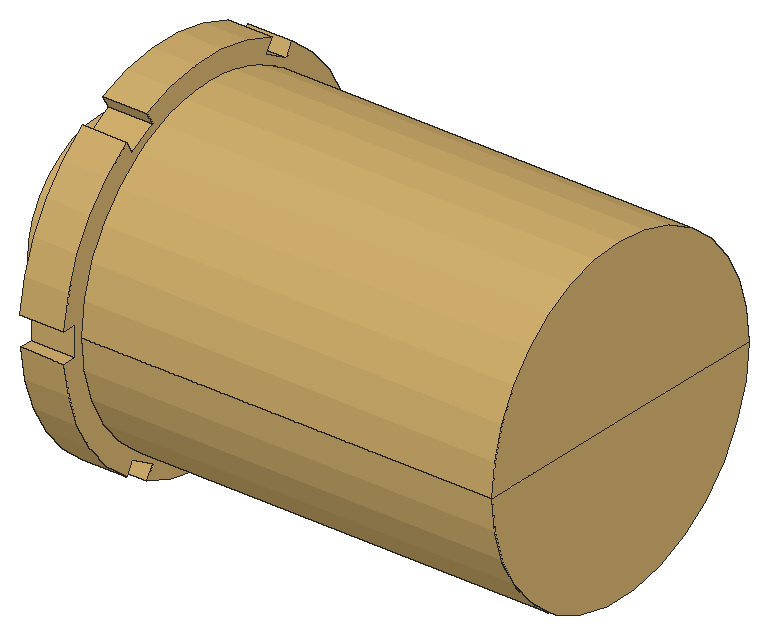
Revit family "e", category Pipe Fittings, Revit 2018
Family settings
  Round Connector Dimension = Use Diameter
  Part Type = Transition
  OmniClass Number = 23.27.43.00
  OmniClass Title = Pipe Fittings
  Work Plane-Based = No
  Always vertical = Yes
  Cut with Voids When Loaded = No
  Shared = No
Parameters (values of type "90021")
  URL = "https://www.aignep.com/"
  Tick Size 02 [instance] = Nominal Diameter 02 * 0.4  # 25.40 mm
  Tick Size 01 [instance] = Nominal Diameter 01 * 0.4  # 44.00 mm
  QR code = "https://www.bimobject.com/aignep/product/tube-male-nptf-reducer-90021"
  Product url = "https://www.aignep.com/eng/Pipe-fittings-INFINITY/Air-Pipeline-INFINITY-Series/TUBE-NPTF"
  Product name = "Tube-Male Nptf Reducer - 90021"
  Product group = "Fittings"
  Product family = "INFINITY"
  Product data url = "https://www.bimobject.com/aignep/product/tube-male-nptf-reducer-90021"
  Product certification = "https://www.aignep.com/eng/Certificazioni/FREE-OF-SILICON"
  Product SKU = "Tube-Male-Nptf-Reducer-90021"
  Product Material = AIGNEP - Brass - Yellow
  Product Guid = "1c9547f1-02c2-420d-b058-c5429c2b684c"
  OmniClass Description = "Pipe Fittings"
  OmniClass Code = "23-27 43 00"
  Nominal Diameter 02 [instance] = 63.50 mm
  Nominal Diameter 01 [instance] = 110.00 mm
  Model = "90021"
  Material main = "Aluminium"
  Manufacturer name = "Aignep Spa"
  Manufacturer country = "Italy"
  Manufacturer = "Aignep Spa"
  Lookup Table Name = "90021"  # constant formula
  L [instance] = size_lookup(Lookup Table Name, "L", 0.00 mm, Nominal Diameter 01, Nominal Diameter 02)  # 178.00 mm
  Keynote = "15410"
  I_Type_A [instance] = Nominal Diameter 01 = 80.00 mm  # no
  I_Type_01 [instance] = not(I_Type_A)  # yes
  IFC Classification = "Pipe Fitting"
  Edition number = 1
  Design country = "Italy"
  Description = "Tube-male NPTF reducer"
  D [instance] = Nominal Diameter 01  # 110.00 mm
  CH [instance] = size_lookup(Lookup Table Name, "CH", 0.00 mm, Nominal Diameter 01, Nominal Diameter 02)  # 125.00 mm
  BIMobject category = "Joints"
  B [instance] = size_lookup(Lookup Table Name, "B", 0.00 mm, Nominal Diameter 01, Nominal Diameter 02)  # 22.00 mm
  Assembly Code = "D2040100"
  Article Code [instance] = size_lookup(Lookup Table Name, "", "ND", Nominal Diameter 01, Nominal Diameter 02)  # "90021 00 001"
  A [instance] = Nominal Diameter 02  # 63.50 mm
Reference planes
  plane 1 "Center (Front/Back)": y = -11.5
  plane 2: z = 0
  plane 3 "Center (Left/Right)": x = 0
  plane 4: y = 20.25
  plane 5: x = -89
  plane 6: x = 89
  plane 7: x = -67
  plane 8: y = -43.25
  plane 9: y = 43.5
  plane 10: y = -66.5
  plane 11: x = -52
  plane 12: x = -52
  plane 13: y = -74
  plane 14: y = 51
  plane 15: x = 178
  plane 16: x = 22
  plane 17: x = 37
Forms (mm)
  Revolve 1, solid, material "AIGNEP - Brass - Yellow" <- "Product Material", visible <- "I_Type_01", detail levels fine
    sketch origin (0, 0, 0) x (1, 0, 0) y (0, 1, 0)
      loop
        line (0, -11.5) -> (178, -11.5) -> (178, 43.5) -> (37, 43.5) -> (37, 20.25) -> (22, 20.25)
        arc (22, 20.25) -> (19.75, 19.386) -> (17.5, 20.25) r 3.363
        line (17.5, 20.25) -> (0, 20.25) -> (0, -11.5)
      axis (0, -11.5) -> (178, -11.5)
    angle from 0 to 360
  Revolve 2, solid, material "AIGNEP - Brass - Yellow" <- "Product Material", visible <- "I_Type_A", detail levels fine
    sketch origin (0, 0, 0) x (1, 0, 0) y (0, 1, 0)
      loop
        line (0, -11.5) -> (178, -11.5) -> (178, 43.5) -> (37, 43.5) -> (22, 43.5) -> (22, 20.25)
        arc (22, 20.25) -> (19.764, 19.559) -> (17.528, 20.25) r 3.964
        line (17.528, 20.25) -> (0, 20.25) -> (0, -11.5)
      axis (0, -11.5) -> (178, -11.5)
    angle from 0 to 360
  Sweep 3, solid, material "AIGNEP - Brass - Yellow" <- "Product Material", visible <- "I_Type_A", detail levels fine
    path origin (0, 0, 0) x (1, 0, 0) y (0, 1, 0)
      loop
        line (22, -11.5) -> (37, -11.5)
    profile origin (29.5, -11.5, 0) x (0, 1, 0) y (0, 0, 1)
      loop
        line (18.17, 41.471) -> (20.545, 45.584)
        arc (20.545, 45.584) -> (0, 50) -> (-20.545, 45.584) r 50
        line (-20.545, 45.584) -> (-18.17, 41.471) -> (-26.83, 36.471) -> (-29.205, 40.584)
        arc (-29.205, 40.584) -> (-43.301, 25) -> (-49.749, 5) r 50
        line (-49.749, 5) -> (-45, 5) -> (-45, -5) -> (-49.749, -5)
        arc (-49.749, -5) -> (-43.301, -25) -> (-29.205, -40.584) r 50
        line (-29.205, -40.584) -> (-26.83, -36.471) -> (-18.17, -41.471) -> (-20.545, -45.584)
        arc (-20.545, -45.584) -> (0, -50) -> (20.545, -45.584) r 50
        line (20.545, -45.584) -> (18.17, -41.471) -> (26.83, -36.471) -> (29.205, -40.584)
        arc (29.205, -40.584) -> (43.301, -25) -> (49.749, -5) r 50
        line (49.749, -5) -> (45, -5) -> (45, 5) -> (49.749, 5)
        arc (49.749, 5) -> (43.301, 25) -> (29.205, 40.584) r 50
        line (29.205, 40.584) -> (26.83, 36.471) -> (18.17, 41.471)
  Sweep 4, solid, material "AIGNEP - Brass - Yellow" <- "Product Material", visible <- "I_Type_01", detail levels fine
    path origin (0, 0, 0) x (1, 0, 0) y (0, 1, 0)
      loop
        line (22, -11.5) -> (37, -11.5)
    profile origin (29.5, -11.5, 0) x (0, 1, 0) y (0, 0, 1)
      loop
        line (24.42, 52.296) -> (26.82, 56.453)
        arc (26.82, 56.453) -> (0, 62.5) -> (-26.82, 56.453) r 62.5
        line (-26.82, 56.453) -> (-24.42, 52.296) -> (-33.08, 47.296) -> (-35.48, 51.453)
        arc (-35.48, 51.453) -> (-54.127, 31.25) -> (-62.3, 5) r 62.5
        line (-62.3, 5) -> (-57.5, 5) -> (-57.5, -5) -> (-62.3, -5)
        arc (-62.3, -5) -> (-54.127, -31.25) -> (-35.48, -51.453) r 62.5
        line (-35.48, -51.453) -> (-33.08, -47.296) -> (-24.42, -52.296) -> (-26.82, -56.453)
        arc (-26.82, -56.453) -> (0, -62.5) -> (26.82, -56.453) r 62.5
        line (26.82, -56.453) -> (24.42, -52.296) -> (33.08, -47.296) -> (35.48, -51.453)
        arc (35.48, -51.453) -> (54.127, -31.25) -> (62.3, -5) r 62.5
        line (62.3, -5) -> (57.5, -5) -> (57.5, 5) -> (62.3, 5)
        arc (62.3, 5) -> (54.127, 31.25) -> (35.48, 51.453) r 62.5
        line (35.48, 51.453) -> (33.08, 47.296) -> (24.42, 52.296)
Cuts and joins
  joined: Revolve 2, Sweep 3
  joined: Revolve 1, Sweep 4
Lines and regions (mm)
  model lines
    curve 1: line (0, -11.5, 0) -> (178, -11.5, 0)
  model lines, detail levels coarse+medium
    curve 2: line (178, -11.5, 0) -> (0, -11.5, 0)
    curve 3: line (178, 32.5, 0) -> (178, -55.5, 0)
    curve 4: line (0, 13.9, 0) -> (0, -36.9, 0)
Dimensions and locks
  equal spacing: plane 4, plane 1 "Center (Front/Back)", plane 8
  equal spacing: plane 9, plane 1 "Center (Front/Back)", plane 10
  locked: Revolve 1 sketch curve to Revolve 1 sketch curve at 4.5
  equal spacing: plane 14, plane 1 "Center (Front/Back)", plane 13
  "A": plane 4 to plane 8
  "D": plane 9 to plane 10
  "CH": plane 14 to plane 13
  equal spacing: plane 3 "Center (Left/Right)", plane 6, plane 15
  "L": plane 3 "Center (Left/Right)" to plane 15
  "B": plane 3 "Center (Left/Right)" to plane 16
  locked: plane 16 to plane 17 at 15
  locked: Revolve 2 sketch curve to Revolve 2 sketch curve at 4.472
  "Tick Size 02": plane 1 "Center (Front/Back)" to curve 4
  "Tick Size 02": curve 4 to plane 1 "Center (Front/Back)"
  "Tick Size 01": plane 1 "Center (Front/Back)" to curve 3
  "Tick Size 01": curve 3 to plane 1 "Center (Front/Back)"
  aligned and locked: level to plane 2
  aligned and locked: Revolve 1 sketch curve to plane 4  (x2)
  aligned and locked: Revolve 1 sketch curve to plane 9
  aligned and locked: plane 1 "Center (Front/Back)" to Revolve 1 sketch curve  (x2)
  aligned and locked: plane 1 "Center (Front/Back)" to Revolve 2 sketch curve  (x2)
  aligned and locked: Revolve 2 sketch curve to plane 9
  aligned and locked: plane 1 "Center (Front/Back)" to Sweep 3 sketch curve  (x7)
  aligned and locked: profile plane to plane 1 "Center (Front/Back)"
  aligned and locked: level to Sweep 3 sketch curve  (x6)
  aligned and locked: profile plane to level  (x2)
  aligned and locked: plane 1 "Center (Front/Back)" to Sweep 4 sketch curve  (x7)
  aligned and locked: level to Sweep 4 sketch curve  (x6)
  aligned and locked: plane 15 to Revolve 2 sketch curve
  aligned and locked: Revolve 2 sketch curve to plane 16
  aligned and locked: Revolve 2 sketch curve to plane 4
  aligned and locked: Revolve 2 sketch curve to plane 3 "Center (Left/Right)"
  aligned and locked: plane 4 to Revolve 2 sketch curve  (x2)
  aligned and locked: plane 15 to Revolve 1 sketch curve
  aligned and locked: Revolve 1 sketch curve to plane 3 "Center (Left/Right)"
  aligned and locked: Revolve 1 sketch curve to plane 17
  aligned and locked: Sweep 4 sketch curve to plane 17
  aligned and locked: plane 16 to Sweep 4 sketch curve
  aligned and locked: Sweep 3 sketch curve to plane 17
  aligned and locked: plane 16 to Sweep 3 sketch curve
  aligned and locked: plane 3 "Center (Left/Right)" to curve 2
  aligned and locked: plane 15 to curve 2
  aligned and locked: curve 2 to plane 1 "Center (Front/Back)"
  aligned and locked: curve 4 to plane 3 "Center (Left/Right)"
  aligned and locked: curve 3 to plane 15
Automatic sketch dimensions
  plane 12 to Revolve 2 sketch curve = 89.00 mm
  plane 4 to Revolve 2 sketch curve = 3.273 mm
  plane 3 "Center (Left/Right)" to Revolve 2 sketch curve = 7.00 mm
  Revolve 2 sketch curve to Revolve 2 sketch curve = 79.00 mm
  profile plane to Sweep 3 sketch curve = 18.17 mm  (x2)
  Sweep 3 sketch curve to Sweep 3 sketch curve = 2.375 mm  (x8)
  Sweep 3 sketch curve to Sweep 3 sketch curve = 8.66 mm  (x4)
  Sweep 3 sketch curve to level = 5.00 mm  (x2)
  Sweep 3 sketch curve to Sweep 3 sketch curve = 18.17 mm
  Sweep 3 sketch curve to Sweep 3 sketch curve = 4.749 mm  (x4)
  Sweep 3 sketch curve to profile plane = 18.17 mm  (x2)
  level to Sweep 3 sketch curve = 5.00 mm  (x2)
  Sweep 3 sketch curve to Sweep 3 sketch curve = 0.887 mm
  Sweep 3 sketch curve to Sweep 3 sketch curve = 4.113 mm  (x2)
  plane 4 to Revolve 1 sketch curve = 2.499 mm
  plane 3 "Center (Left/Right)" to Revolve 1 sketch curve = 4.00 mm
  plane 6 to Revolve 1 sketch curve = 15.00 mm
  profile plane to Sweep 4 sketch curve = 24.42 mm  (x2)
  Sweep 4 sketch curve to Sweep 4 sketch curve = 2.40 mm  (x8)
  Sweep 4 sketch curve to Sweep 4 sketch curve = 8.66 mm  (x4)
  Sweep 4 sketch curve to level = 5.00 mm
  Sweep 4 sketch curve to Sweep 4 sketch curve = 4.80 mm  (x4)
  Sweep 4 sketch curve to profile plane = 24.42 mm  (x2)
  level to Sweep 4 sketch curve = 5.00 mm  (x2)
  Sweep 4 sketch curve to Sweep 4 sketch curve = 24.42 mm
  Sweep 4 sketch curve to Sweep 4 sketch curve = 0.843 mm
  Sweep 4 sketch curve to Sweep 4 sketch curve = 4.157 mm  (x3)
  plane 1 "Center (Front/Back)" to Revolve 2 sketch curve = 0.00 mm
  plane 7 to Revolve 1 sketch curve = 89.00 mm
Connectors
  piping at (0, -11.5, 0), diameter 63.5, driven by "Nominal Diameter 02"
    settings: on cut or joined group of Revolve 2, Sweep 3, index 1, connector inside diameter 609.60 mm, connector length 0.00 mm, flow factor 0, pipe flow 0.0 L/s, pressure drop 0.0 Pa, fitting loss kfactor 0, connector angle 0.00°, fixture units 0, engagement length 0.00 mm, angle of deflection 0.00°, flow configuration 1, flow direction 1, fitting loss method 0, system type 28, joint type 0, gender type 0, connector reference index 2, connector utility 0, adjustable connector no, is connector primary yes, connector description ""
  piping at (178, -11.5, 0), diameter 110, driven by "Nominal Diameter 01"
    settings: on cut or joined group of Revolve 2, Sweep 3, index 2, connector inside diameter 609.60 mm, connector length 0.00 mm, flow factor 0, pipe flow 0.0 L/s, pressure drop 0.0 Pa, fitting loss kfactor 0, connector angle 0.00°, fixture units 0, engagement length 0.00 mm, angle of deflection 0.00°, flow configuration 1, flow direction 1, fitting loss method 0, system type 28, joint type 0, gender type 0, connector reference index 1, connector utility 0, adjustable connector no, is connector primary no, connector description ""
